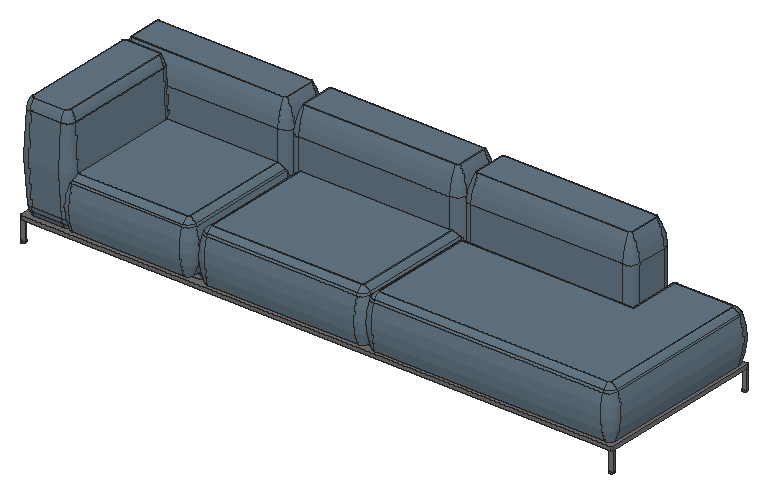
Revit family "Haworth_Mex-Hi_Sofa_ExtraWide-wPeninsula", category Furniture, Revit 2018
Family settings
  OmniClass Number = 23.40.70.14.64.21
  OmniClass Title = Systems Furniture
  Work Plane-Based = No
  Always vertical = Yes
  Cut with Voids When Loaded = No
  Shared = No
  Room Calculation Point = No
Parameters (values of type "Three Seat Sofa - With One Arm")
  Without Arms = no
  With Arms = not(Without Arms)  # yes
  Warranty = "http://www.haworth.com/resources/product-info/warranties"
  URL - Product = "https://www.haworth.com/na/en/products/lounge-sofas/ottomans/mex-hi-seating.html"
  URL = "https://www.haworth.com/na/en/about/brands/haworth-collection.html"
  Trim Finish = Haworth _ Polymer _ Black
  Sustainability Info = "https://www.haworth.com/na/en/expertise/sustainability.html"
  Size = "Verify Final Dim. w/ Haworth"  # constant formula
  Seat Upholstery Finish [instance] = Haworth _ Leather _ Scozia _ Oceano ES-342
  Revision Number = "1"  # constant formula
  Model = "HCCSMHL"  # constant formula
  Manufacturer = "Haworth"  # constant formula
  Description = "Haworth - Cassina - Mex-Hi - Sofa - One Arm - Extra Wide with Peninsula - Three Seat"
  Base Finish [instance] = Haworth _ Paint _ Matte Anthracite 69-ANT
  Back Upholstery Finish [instance] = Haworth _ Leather _ Scozia _ Oceano ES-342
  Author = "Haworth (Abd Rahman)"  # constant formula
  Assembly Code = "E2020200"
  Arm Finish [instance] = Haworth _ Leather _ Scozia _ Oceano ES-342
  Actual Width = 122.00"  # constant formula
  Actual Height = 28.30"  # constant formula
  Actual Depth = 35.50"  # constant formula
Reference planes (in)
  plane 1: z = 0
  plane 2 "Center L/R": x = -6.11989
  plane 3 "Center F/B": y = -11.5
  plane 4 "Top": z = 28.3
  plane 5 "Back": y = 6.25
  plane 6 "Front": y = -29.25
  plane 7 "Right": x = 54.88011
  plane 8 "Left": x = -67.11989
  plane 9: x = -31.68989
  plane 10: x = 3.74011
  plane 11: z = 4.88189
Dimensions and locks (in)
  equal spacing: plane 8 "Left", plane 2 "Center L/R", plane 7 "Right"
  "Actual Width": plane 8 "Left" to plane 7 "Right"
  equal spacing: plane 5 "Back", plane 3 "Center F/B", plane 6 "Front"
  "Actual Depth": plane 5 "Back" to plane 6 "Front"
  "Actual Height": plane 4 "Top" to plane 1
  plane 8 "Left" to plane 9 to plane 10 to plane 7 "Right" = 35.43", 35.43", 51.14"
  aligned and locked: plane 2 "Center L/R" to nested 2
  aligned and locked: nested 2 to plane 3 "Center F/B"
  aligned and locked: plane 8 "Left" to nested 5
  aligned and locked: plane 5 "Back" to nested 5
  aligned and locked: nested 4 to plane 5 "Back"
  aligned and locked: plane 8 "Left" to nested 6
  aligned and locked: plane 6 "Front" to nested 6
  aligned and locked: nested 7 to nested 3
  aligned and locked: plane 9 to nested 1
  aligned and locked: plane 10 to nested 4
  aligned and locked: nested 8 to nested 7
  aligned and locked: nested 9 to plane 7 "Right"
  aligned and locked: plane 8 "Left" to nested 3
  aligned and locked: nested 8 to nested 3
  aligned and locked: plane 9 to nested 5
  aligned and locked: plane 10 to nested 1
  aligned and locked: plane 9 to nested 7
  aligned and locked: nested 2 to plane 11
  aligned and locked: plane 11 to nested 9
  aligned and locked: nested 5 to plane 11
  aligned and locked: nested 1 to plane 11
  aligned and locked: plane 11 to nested 4
  aligned and locked: plane 11 to nested 3
  aligned and locked: plane 11 to nested 6
  aligned and locked: plane 11 to nested 7
  aligned and locked: plane 11 to nested 8
Nested families (in)
  nested 1: "Haworth_Mex-Hi_Sofa_Back-Wide-PART" at (-20.44865, 9.90612, -0.04956) x (-1, 0, 0) z (0, 0, 1), Back Upholstery Finish <- "Back Upholstery Finish", type "Back Wide - PART - Small"
    with Back Upholstery Finish Haworth _ Leather _ Scozia _ Oceano ES-342, Extra Small no
  nested 2: "Haworth_Mex-Hi_Sofa_Base-PART" at (0, 0, 0), Base Finish <- "Base Finish", type "Base - PART"
    with Base Finish Haworth _ Paint _ Matte Anthracite 69-ANT, Two Seats no, Actual Width 122.00"
  nested 3: "Haworth_Mex-Hi_Sofa_Seat-Wide-PART" at (-43.15039, -3.81836, 0), Seat Upholstery Finish <- "Seat Upholstery Finish", visible <- "Without Arms", type "Seat Wide - PART - Middle - Small"
    with Seat Upholstery Finish Haworth _ Leather _ Scozia _ Oceano ES-342, Peninsula Seat no, Middle Large Seat no
  nested 4: "Haworth_Mex-Hi_Sofa_Back-Wide-PART" at (27.92887, 9.90612, -0.04956), Back Upholstery Finish <- "Back Upholstery Finish", type "Back Wide - PART - Small"
    with Back Upholstery Finish Haworth _ Leather _ Scozia _ Oceano ES-342, Extra Small no
  nested 5: "Haworth_Mex-Hi_Sofa_Back-Wide-PART" at (-55.87865, 9.90612, -0.04956) x (-1, 0, 0) z (0, 0, 1), Back Upholstery Finish <- "Back Upholstery Finish", type "Back Wide - PART - Small"
    with Back Upholstery Finish Haworth _ Leather _ Scozia _ Oceano ES-342, Extra Small no
  nested 6: "Haworth_Mex-Hi_Sofa_Arm-Wide-PART" at (-54.95296, -6.3526, -0.04956), visible <- "With Arms", Arm Finish <- "Arm Finish", type "Arm Wide - PART"
    with Arm Finish Haworth _ Leather _ Scozia _ Oceano ES-342
  nested 7: "Haworth_Mex-Hi_Sofa_Seat-Wide-PART" at (-39.25128, -3.81836, 0), visible <- "With Arms", Seat Upholstery Finish <- "Seat Upholstery Finish", type "Seat Wide - PART - L/R"
    with Seat Upholstery Finish Haworth _ Leather _ Scozia _ Oceano ES-342, Peninsula Seat no, Middle Small Seat no, Middle Large Seat no, L/R Seat yes
  nested 8: "Haworth_Mex-Hi_Sofa_Seat-Wide-PART" at (-7.45117, -3.81836, 0), Seat Upholstery Finish <- "Seat Upholstery Finish", type "Seat Wide - PART - Middle - Small"
    with Seat Upholstery Finish Haworth _ Leather _ Scozia _ Oceano ES-342, Peninsula Seat no, Middle Large Seat no
  nested 9: "Haworth_Mex-Hi_Sofa_Seat-Wide-PART" at (33.69372, -3.94336, 0), Seat Upholstery Finish <- "Seat Upholstery Finish", type "Seat Wide - PART - Peninsula"
    with Seat Upholstery Finish Haworth _ Leather _ Scozia _ Oceano ES-342, Middle Small Seat no, Middle Large Seat no
Definition of nested family "Haworth_Mex-Hi_Sofa_Back-Wide-PART"
  Parameters (values of type "Back Wide - PART - Small")
    Warranty = "http://www.haworth.com/resources/product-info/warranties"
    URL - Product = "https://www.haworth.com/na/en/products/lounge-sofas/ottomans/mex-hi-seating.html"
    URL = "https://www.haworth.com/na/en/about/brands/haworth-collection.html"
    Sustainability Info = "https://www.haworth.com/na/en/expertise/sustainability.html"
    Small = yes
    Size = "Verify Final Dim. w/ Haworth"  # constant formula
    Seat Height = 17.00"  # constant formula
    Revision Number = "1"  # constant formula
    Model = "Haworth - Cassina - Mex-Hi"  # constant formula
    Manufacturer = "Haworth"  # constant formula
    Large = no
    Extra Small = yes
    Description = "Haworth - Cassina - Mex-Hi - Back - Wide - PART"  # constant formula
    Back Upholstery Finish [instance] = none
    Author = "Haworth (Abd Rahman)"  # constant formula
    Assembly Code = "E2020200"
    Actual Width = 35.43"  # constant formula
    Actual Height = 27.39844"  # constant formula
    Actual Depth = 10.60"  # constant formula
  Types (2): name | Small | Large
    Back Wide - PART - Small | yes | no
    Back Wide - PART - Large | no | yes
  Reference planes (in)
    plane 1: z = 0
    plane 2 "Top": z = 27.39844
    plane 3: z = 17
    plane 4 "Right": x = 11.24124
    plane 5 "Left": x = -24.18876
    plane 6 "Center (Left/Right)": x = -6.47376
    plane 7 "Back": y = -3.65612
    plane 8 "Front": y = -14.25612
    plane 9 "Center (Front/Back)": y = -8.95612
    plane 10: x = -20.15376
    plane 11: x = 7.20624
  Forms (in)
    Extrusion 1, solid, material <- "Back Upholstery Finish", visible <- "Small"
      sketch origin (0, 0.1875, 0) x (1, 0, 0) y (0, 1, 0)
        loop
          line (-22.40055, -6.01823) -> (-22.40055, -12.26715)
          arc (-22.40055, -12.26715) -> (-22.28726, -12.54067) -> (-22.01374, -12.65397) r 0.38681
          line (-22.01374, -12.65397) -> (9.07786, -12.65397)
          arc (9.07786, -12.65397) -> (9.35138, -12.54067) -> (9.46468, -12.26715) r 0.38681
          line (9.46468, -12.26715) -> (9.46468, -6.01823)
          arc (9.46468, -6.01823) -> (9.35138, -5.74471) -> (9.07786, -5.63141) r 0.38681
          line (9.07786, -5.63141) -> (-22.01374, -5.63141)
          arc (-22.01374, -5.63141) -> (-22.28726, -5.74471) -> (-22.40055, -6.01823) r 0.38681
      from 4.93145 to 26.69365
    Sweep 2, solid, material <- "Back Upholstery Finish", visible <- "Small"
      path origin (0, 0.1875, 0) x (1, 0, 0) y (0, 1, 0)
        loop
          arc (-22.01374, -5.51823) -> (-22.36729, -5.66467) -> (-22.51374, -6.01823) r 0.5
          line (-22.51374, -6.01823) -> (-22.51374, -12.26715)
          arc (-22.51374, -12.26715) -> (-22.36729, -12.62071) -> (-22.01374, -12.76715) r 0.5
          line (-22.01374, -12.76715) -> (9.07786, -12.76715)
          arc (9.07786, -12.76715) -> (9.43142, -12.62071) -> (9.57786, -12.26715) r 0.5
          line (9.57786, -12.26715) -> (9.57786, -6.01823)
          arc (9.57786, -6.01823) -> (9.43142, -5.66467) -> (9.07786, -5.51823) r 0.5
          line (9.07786, -5.51823) -> (-22.01374, -5.51823)
      profile origin (-6.46794, -5.33073, 0) x (0, 1, 0) y (0, 0, 1)
        loop
          arc (1.49021, 21.44568) -> (0.98441, 24.16007) -> (-0.11319, 26.69365) r 12.32019
          line (-0.11319, 26.69365) -> (-0.11319, 4.93145)
          arc (-0.11319, 4.93145) -> (0.96903, 7.99176) -> (1.49021, 11.19568) r 18.19442
          arc (1.49021, 11.19568) -> (1.67463, 16.32068) -> (1.49021, 21.44568) r 71.30597
    Sweep 3, solid, material <- "Back Upholstery Finish", visible <- "Large"
      path origin (0, 0.1875, 0) x (1, 0, 0) y (0, 1, 0)
        loop
          arc (-29.78736, -5.63141) -> (-30.14092, -5.77786) -> (-30.28736, -6.13141) r 0.5
          line (-30.28736, -6.13141) -> (-30.28736, -12.15397)
          arc (-30.28736, -12.15397) -> (-30.14092, -12.50752) -> (-29.78736, -12.65397) r 0.5
          line (-29.78736, -12.65397) -> (8.96468, -12.65397)
          arc (8.96468, -12.65397) -> (9.31823, -12.50752) -> (9.46468, -12.15397) r 0.5
          line (9.46468, -12.15397) -> (9.46468, -6.13141)
          arc (9.46468, -6.13141) -> (9.31823, -5.77786) -> (8.96468, -5.63141) r 0.5
          line (8.96468, -5.63141) -> (-29.78736, -5.63141)
      profile origin (-10.41134, -5.44391, 0) x (0, 1, 0) y (0, 0, 1)
        loop
          arc (1.49021, 21.44568) -> (0.98441, 24.16007) -> (-0.11319, 26.69365) r 12.32019
          line (-0.11319, 26.69365) -> (-0.11319, 4.93145)
          arc (-0.11319, 4.93145) -> (0.96903, 7.99176) -> (1.49021, 11.19568) r 18.19442
          arc (1.49021, 11.19568) -> (1.67463, 16.32068) -> (1.49021, 21.44568) r 71.30597
    Extrusion 4, solid, material <- "Back Upholstery Finish", visible <- "Large"
      sketch origin (0, 0.1875, 0) x (1, 0, 0) y (0, 1, 0)
        loop
          line (-30.17418, -6.13141) -> (-30.17418, -12.15397)
          arc (-30.17418, -12.15397) -> (-30.06088, -12.42749) -> (-29.78736, -12.54078) r 0.38681
          line (-29.78736, -12.54078) -> (8.96468, -12.54078)
          arc (8.96468, -12.54078) -> (9.2382, -12.42749) -> (9.35149, -12.15397) r 0.38681
          line (9.35149, -12.15397) -> (9.35149, -6.13141)
          arc (9.35149, -6.13141) -> (9.2382, -5.85789) -> (8.96468, -5.7446) r 0.38681
          line (8.96468, -5.7446) -> (-29.78736, -5.7446)
          arc (-29.78736, -5.7446) -> (-30.06088, -5.85789) -> (-30.17418, -6.13141) r 0.38681
      from 4.93145 to 26.69365
    Sweep 5, solid, material <- "Back Upholstery Finish", visible <- "Extra Small"
      path origin (0, 0.1875, 0) x (1, 0, 0) y (0, 1, 0)
        loop
          arc (-17.90376, -5.51823) -> (-18.25731, -5.66467) -> (-18.40376, -6.01823) r 0.5
          line (-18.40376, -6.01823) -> (-18.40376, -12.26715)
          arc (-18.40376, -12.26715) -> (-18.25731, -12.62071) -> (-17.90376, -12.76715) r 0.5
          line (-17.90376, -12.76715) -> (4.95624, -12.76715)
          arc (4.95624, -12.76715) -> (5.30979, -12.62071) -> (5.45624, -12.26715) r 0.5
          line (5.45624, -12.26715) -> (5.45624, -6.01823)
          arc (5.45624, -6.01823) -> (5.30979, -5.66467) -> (4.95624, -5.51823) r 0.5
          line (4.95624, -5.51823) -> (-17.90376, -5.51823)
      profile origin (-6.47376, -5.33073, 0) x (0, 1, 0) y (0, 0, 1)
        loop
          arc (1.49021, 21.44568) -> (0.98441, 24.16007) -> (-0.11319, 26.69365) r 12.32019
          line (-0.11319, 26.69365) -> (-0.11319, 4.93145)
          arc (-0.11319, 4.93145) -> (0.96903, 7.99176) -> (1.49021, 11.19568) r 18.19442
          arc (1.49021, 11.19568) -> (1.67463, 16.32068) -> (1.49021, 21.44568) r 71.30597
    Extrusion 6, solid, material <- "Back Upholstery Finish", visible <- "Extra Small"
      sketch origin (0, 0.1875, 0) x (1, 0, 0) y (0, 1, 0)
        loop
          line (-18.29057, -6.01823) -> (-18.29057, -12.26715)
          arc (-18.29057, -12.26715) -> (-18.17728, -12.54067) -> (-17.90376, -12.65397) r 0.38681
          line (-17.90376, -12.65397) -> (4.95624, -12.65397)
          arc (4.95624, -12.65397) -> (5.22976, -12.54067) -> (5.34306, -12.26715) r 0.38681
          line (5.34306, -12.26715) -> (5.34306, -6.01823)
          arc (5.34306, -6.01823) -> (5.22976, -5.74471) -> (4.95624, -5.63141) r 0.38681
          line (4.95624, -5.63141) -> (-17.90376, -5.63141)
          arc (-17.90376, -5.63141) -> (-18.17728, -5.74471) -> (-18.29057, -6.01823) r 0.38681
      from 4.93145 to 26.69365
  Lines and regions (in)
    Masking region 1, visible <- "Large"
      outline origin (0, 0, 0) x (1, 0, 0) y (0, 1, 0)
        loop
          line (-31.95339, -5.80612) -> (-31.95339, -12.10612)
          arc (-31.95339, -12.10612) -> (-31.32367, -13.6264) -> (-29.80339, -14.25612) r 2.15
          line (-29.80339, -14.25612) -> (9.0884, -14.25612)
          arc (9.0884, -14.25612) -> (10.61069, -13.62556) -> (11.24124, -12.10328) r 2.15284
          line (11.24124, -12.10328) -> (11.24124, -5.80612)
          arc (11.24124, -5.80612) -> (10.61152, -4.28584) -> (9.09124, -3.65612) r 2.15
          line (9.09124, -3.65612) -> (-29.80339, -3.65612)
          arc (-29.80339, -3.65612) -> (-31.32367, -4.28584) -> (-31.95339, -5.80612) r 2.15
    Masking region 2, visible <- "Small"
      outline origin (0, 0, 0) x (1, 0, 0) y (0, 1, 0)
        loop
          line (-24.18876, -5.80612) -> (-24.18876, -12.10612)
          arc (-24.18876, -12.10612) -> (-23.55904, -13.6264) -> (-22.03876, -14.25612) r 2.15
          line (-22.03876, -14.25612) -> (9.0884, -14.25612)
          arc (9.0884, -14.25612) -> (10.61069, -13.62556) -> (11.24124, -12.10328) r 2.15284
          line (11.24124, -12.10328) -> (11.24124, -5.80612)
          arc (11.24124, -5.80612) -> (10.61152, -4.28584) -> (9.09124, -3.65612) r 2.15
          line (9.09124, -3.65612) -> (-22.03876, -3.65612)
          arc (-22.03876, -3.65612) -> (-23.55904, -4.28584) -> (-24.18876, -5.80612) r 2.15
    Masking region 3, visible <- "Extra Small"
      outline origin (0, 0, 0) x (1, 0, 0) y (0, 1, 0)
        loop
          line (-20.15376, -5.80612) -> (-20.15376, -12.10612)
          arc (-20.15376, -12.10612) -> (-19.52404, -13.6264) -> (-18.00376, -14.25612) r 2.15
          line (-18.00376, -14.25612) -> (5.0534, -14.25612)
          arc (5.0534, -14.25612) -> (6.57569, -13.62556) -> (7.20624, -12.10328) r 2.15284
          line (7.20624, -12.10328) -> (7.20624, -5.80612)
          arc (7.20624, -5.80612) -> (6.57652, -4.28584) -> (5.05624, -3.65612) r 2.15
          line (5.05624, -3.65612) -> (-18.00376, -3.65612)
          arc (-18.00376, -3.65612) -> (-19.52404, -4.28584) -> (-20.15376, -5.80612) r 2.15
  Dimensions and locks (in)
    "Actual Height": plane 2 "Top" to plane 1
    "Seat Height": plane 3 to level
    equal spacing: plane 5 "Left", plane 6 "Center (Left/Right)", plane 4 "Right"
    "Actual Width": plane 5 "Left" to plane 4 "Right"
    equal spacing: plane 8 "Front", plane 9 "Center (Front/Back)", plane 7 "Back"
    "Actual Depth": plane 8 "Front" to plane 7 "Back"
    Masking region 3 sketch curve to plane 6 "Center (Left/Right)" to Masking region 3 sketch curve = 13.68", 13.68"
  Automatic sketch dimensions
    Extrusion 1 sketch curve to plane 5 "Left" = 1.78821"
    Extrusion 1 sketch curve to Extrusion 1 sketch curve = 0.38681"  (x3)
    Extrusion 1 sketch curve to plane 4 "Right" = 2.16338"  (x2)
    plane 8 "Front" to Extrusion 1 sketch curve = 1.78965"
    plane 7 "Back" to Extrusion 1 sketch curve = 2.17461"
    Sweep 2 sketch curve to plane 5 "Left" = 1.67502"
    Sweep 2 sketch curve to Sweep 2 sketch curve = 0.50"  (x3)
    Sweep 2 sketch curve to plane 4 "Right" = 2.16338"  (x2)
    plane 8 "Front" to Sweep 2 sketch curve = 1.67646"
    plane 7 "Back" to Sweep 2 sketch curve = 2.17461"
    level to Sweep 2 sketch curve = 16.32068"
    profile plane to Sweep 2 sketch curve = 69.63135"
    profile plane to Sweep 2 sketch curve = 16.65715"
    Sweep 2 sketch curve to Sweep 2 sketch curve = 5.85904"
    profile plane to Sweep 2 sketch curve = 0.11319"
    level to Sweep 2 sketch curve = 12.50337"
    level to Sweep 2 sketch curve = 4.93145"
    Sweep 2 sketch curve to Sweep 2 sketch curve = 8.05681"
    Sweep 2 sketch curve to Sweep 2 sketch curve = 6.13346"
    Sweep 2 sketch curve to Sweep 2 sketch curve = 0.00"
    Masking region 1 sketch curve to plane 8 "Front" = 0.00"
    plane 7 "Back" to Masking region 1 sketch curve = 0.00"
    Masking region 1 sketch curve to plane 4 "Right" = 0.00"
    Masking region 1 sketch curve to plane 4 "Right" = 2.15"
    Masking region 1 sketch curve to Masking region 1 sketch curve = 2.15284"
    plane 7 "Back" to Masking region 1 sketch curve = 2.15"
    plane 5 "Left" to Masking region 1 sketch curve = 5.61464"
    Masking region 1 sketch curve to Masking region 1 sketch curve = 2.15"
    plane 8 "Front" to Sweep 3 sketch curve = 2.28965"
    plane 5 "Left" to Sweep 3 sketch curve = 6.09861"
    Sweep 3 sketch curve to Sweep 3 sketch curve = 0.50"  (x3)
    Sweep 3 sketch curve to plane 4 "Right" = 2.27656"  (x2)
    plane 7 "Back" to Sweep 3 sketch curve = 2.2878"
    level to Sweep 3 sketch curve = 16.32068"
    profile plane to Sweep 3 sketch curve = 69.63135"
    profile plane to Sweep 3 sketch curve = 16.65715"
    Sweep 3 sketch curve to Sweep 3 sketch curve = 5.85904"
    profile plane to Sweep 3 sketch curve = 0.11319"
    level to Sweep 3 sketch curve = 12.50337"
    level to Sweep 3 sketch curve = 4.93145"
    Sweep 3 sketch curve to Sweep 3 sketch curve = 8.05681"
    Sweep 3 sketch curve to Sweep 3 sketch curve = 6.13346"
    Sweep 3 sketch curve to Sweep 3 sketch curve = 0.00"
    plane 7 "Back" to Extrusion 4 sketch curve = 2.2878"
    plane 5 "Left" to Extrusion 4 sketch curve = 5.98542"
    Extrusion 4 sketch curve to Extrusion 4 sketch curve = 0.38681"  (x3)
    Extrusion 4 sketch curve to plane 4 "Right" = 2.27656"  (x2)
    plane 8 "Front" to Extrusion 4 sketch curve = 2.28965"
    Masking region 2 sketch curve to plane 5 "Left" = 0.00"
    Masking region 2 sketch curve to plane 8 "Front" = 0.00"
    plane 7 "Back" to Masking region 2 sketch curve = 0.00"
    Masking region 2 sketch curve to plane 4 "Right" = 0.00"
    Masking region 2 sketch curve to plane 5 "Left" = 2.15"  (x2)
    Masking region 2 sketch curve to plane 4 "Right" = 2.15284"
    Masking region 2 sketch curve to Masking region 2 sketch curve = 2.15"
    Masking region 3 sketch curve to plane 8 "Front" = 0.00"
    plane 7 "Back" to Masking region 3 sketch curve = 0.00"
    plane 8 "Front" to Masking region 3 sketch curve = 2.15"
    Masking region 3 sketch curve to Masking region 3 sketch curve = 2.15"
    Masking region 3 sketch curve to Masking region 3 sketch curve = 2.15284"
    plane 7 "Back" to Masking region 3 sketch curve = 2.15"
    plane 8 "Front" to Sweep 5 sketch curve = 2.17646"  (x2)
    Sweep 5 sketch curve to plane 5 "Left" = 5.785"
    Sweep 5 sketch curve to Sweep 5 sketch curve = 0.50"  (x3)
    Sweep 5 sketch curve to plane 4 "Right" = 6.285"
    plane 7 "Back" to Sweep 5 sketch curve = 2.17461"
    level to Sweep 5 sketch curve = 16.32068"
    profile plane to Sweep 5 sketch curve = 69.63135"
    profile plane to Sweep 5 sketch curve = 16.65715"
    Sweep 5 sketch curve to Sweep 5 sketch curve = 5.85904"
    profile plane to Sweep 5 sketch curve = 0.11319"
    level to Sweep 5 sketch curve = 12.50337"
    level to Sweep 5 sketch curve = 4.93145"
    Sweep 5 sketch curve to Sweep 5 sketch curve = 8.05681"
    Sweep 5 sketch curve to Sweep 5 sketch curve = 6.13346"
    Sweep 5 sketch curve to Sweep 5 sketch curve = 0.00"
    Extrusion 6 sketch curve to plane 5 "Left" = 5.89819"
    Extrusion 6 sketch curve to Extrusion 6 sketch curve = 0.38681"  (x3)
    Extrusion 6 sketch curve to plane 4 "Right" = 6.285"  (x2)
    plane 8 "Front" to Extrusion 6 sketch curve = 1.78965"
    plane 7 "Back" to Extrusion 6 sketch curve = 2.17461"
Definition of nested family "Haworth_Mex-Hi_Sofa_Base-PART"
  Parameters (values of type "Base - PART")
    Warranty = "http://www.haworth.com/resources/product-info/warranties"
    URL - Product = "https://www.haworth.com/na/en/products/lounge-sofas/ottomans/mex-hi-seating.html"
    URL = "https://www.haworth.com/na/en/about/brands/haworth-collection.html"
    Two Seats = yes
    Trim Finish = none
    Three Seats = yes
    Sustainability Info = "https://www.haworth.com/na/en/expertise/sustainability.html"
    Size = "Verify Final Dim. w/ Haworth"  # constant formula
    Revision Number = "1"  # constant formula
    Model = "Haworth - Cassina - Mex-Hi"  # constant formula
    Manufacturer = "Haworth"  # constant formula
    Description = "Haworth - Cassina - Mex-Hi - Sofa - Base - PART"  # constant formula
    Base Finish [instance] = none
    Author = "Haworth (Abd Rahman)"  # constant formula
    Assembly Code = "E2020200"
    Actual Width = 106.30"
    Actual Height = 28.30"  # constant formula
    Actual Depth = 35.50"
  Reference planes (in)
    plane 1: z = 0
    plane 2 "Center L/R": x = -6.11989
    plane 3 "Center F/B": y = -11.5
    plane 4 "Top": z = 28.3
    plane 5 "Back": y = 6.25
    plane 6 "Front": y = -29.25
    plane 7 "Right": x = 47.03011
    plane 8 "Left": x = -59.26989
    plane 9: x = 12.56121
    plane 10: x = 11.38011
    plane 11: x = -23.61989
    plane 12: x = -24.801
    plane 13: y = 4.4803
    plane 14: y = 3.20078
    plane 15: y = 2.01967
    plane 16: y = -4.67324
    plane 17: y = -5.85434
    plane 18: y = -24.9511
    plane 19: y = -26.1322
    plane 20: y = -27.40946
    plane 21: y = 6.04866
    plane 22: y = -28.9838
    plane 23: x = -57.4682
    plane 24: x = 45.28743
    plane 25: x = 46.85823
    plane 26: x = -59.04253
    plane 27: x = 11.9669
    plane 28: x = -24.21044
    plane 29: y = -17.07481
    plane 30: y = -5.26247
    plane 31: x = -6.6827
    plane 32: x = -5.5016
  Forms (in)
    Extrusion 1, solid, material <- "Base Finish"
      sketch origin (-0.25, 0.4375, 0) x (1, 0, 0) y (0, 1, 0)
        loop
          line (46.73209, 5.61116) -> (-58.41639, 5.61116)
          arc (-58.41639, 5.61116) -> (-58.68236, 5.50099) -> (-58.79253, 5.23502) r 0.37614
          line (-58.79253, 5.23502) -> (-58.79253, -29.03536)
          arc (-58.79253, -29.03536) -> (-58.67949, -29.30826) -> (-58.4066, -29.4213) r 0.38594
          line (-58.4066, -29.4213) -> (46.82505, -29.4213)
          arc (46.82505, -29.4213) -> (47.02529, -29.33835) -> (47.10823, -29.13811) r 0.28319
          line (47.10823, -29.13811) -> (47.10823, 5.23502)
          arc (47.10823, 5.23502) -> (46.99806, 5.50099) -> (46.73209, 5.61116) r 0.37614
        loop
          line (45.53743, -5.11074) -> (45.53743, 1.58217) -> (-57.2182, 1.58217) -> (-57.2182, -5.11074) -> (45.53743, -5.11074)
        loop
          line (-57.2182, 2.76328) -> (45.53743, 2.76328) -> (45.53743, 4.0428) -> (-57.2182, 4.0428) -> (-57.2182, 2.76328)
        loop
          line (45.53743, -6.29184) -> (-57.2182, -6.29184) -> (-57.2182, -25.3886) -> (45.53743, -25.3886) -> (45.53743, -6.29184)
        loop
          line (45.53743, -26.5697) -> (-57.2182, -26.5697) -> (-57.2182, -27.84696) -> (45.53743, -27.84696) -> (45.53743, -26.5697)
      from 4.08098 to 4.88189
    Extrusion 2, solid, material <- "Base Finish"
      sketch origin (-0.25, 0.4375, 0) x (1, 0, 0) y (0, 1, 0)
        loop
          circle (-58.39883, 5.22344) r 0.41206
        loop
          circle (46.72054, -29.02659) r 0.41206
        loop
          circle (46.72363, 5.22313) r 0.41206
        loop
          circle (-58.39602, -29.0239) r 0.41206
      from 0 to 4.08098
    Extrusion 3, solid, material <- "Trim Finish"
      sketch origin (-0.25, 0.4375, 0) x (1, 0, 0) y (0, 1, 0)
        loop
          circle (-58.39883, 5.22344) r 0.49213
        loop
          circle (-58.39883, -29.02999) r 0.49213
        loop
          circle (46.72154, 5.22344) r 0.49213
        loop
          circle (46.71782, -29.02818) r 0.49213
      from 0 to 0.23622
    Extrusion 4, solid, material <- "Base Finish", visible <- "Two Seats"
      sketch origin (0, 0, 0) x (1, 0, 0) y (0, 1, 0)
        loop
          line (-5.5016, -27.40946) -> (-5.5016, 6.04866) -> (-6.6827, 6.04866) -> (-6.6827, -27.40946) -> (-5.5016, -27.40946)
      from 4.08098 to 4.88189
    Extrusion 5, solid, material <- "Base Finish", visible <- "Three Seats"
      sketch origin (-17.68716, 0, 0) x (1, 0, 0) y (0, 1, 0)
        loop
          line (-5.93273, -27.40946) -> (-5.93273, 6.04866) -> (-7.11383, 6.04866) -> (-7.11383, -27.40946) -> (-5.93273, -27.40946)
      from 4.08098 to 4.88189
    Extrusion 6, solid, material <- "Base Finish", visible <- "Three Seats"
      sketch origin (17.7459, 0, 0) x (1, 0, 0) y (0, 1, 0)
        loop
          line (-5.1847, -27.40946) -> (-5.1847, 6.04866) -> (-6.3658, 6.04866) -> (-6.3658, -27.40946) -> (-5.1847, -27.40946)
      from 4.08098 to 4.88189
    Extrusion 7, solid, material <- "Trim Finish", visible <- "Two Seats"
      sketch origin (0, 0, 0) x (1, 0, 0) y (0, 1, 0)
        loop
          circle (-6.11989, -17.07481) r 0.49213
        loop
          circle (-6.11989, -5.26247) r 0.49213
      from 0 to 0.23622
    Extrusion 8, solid, material <- "Trim Finish", visible <- "Two Seats"
      sketch origin (0, 0, 0) x (1, 0, 0) y (0, 1, 0)
        loop
          circle (-6.11989, -17.07481) r 0.41206
        loop
          circle (-6.11989, -5.26247) r 0.41206
      from 0 to 4.08098
    Extrusion 9, solid, material <- "Trim Finish", visible <- "Three Seats"
      sketch origin (0, 0, 0) x (1, 0, 0) y (0, 1, 0)
        loop
          circle (-24.21044, -17.07481) r 0.41206
        loop
          circle (-24.21044, -5.26247) r 0.41206
        loop
          circle (11.9669, -5.26247) r 0.41206
        loop
          circle (11.9669, -17.07481) r 0.41206
      from 0 to 4.08098
    Extrusion 10, solid, material <- "Trim Finish", visible <- "Three Seats"
      sketch origin (0, 0, 0) x (1, 0, 0) y (0, 1, 0)
        loop
          circle (-24.21044, -17.07481) r 0.49213
        loop
          circle (-24.21044, -5.26247) r 0.49213
        loop
          circle (11.9669, -5.26247) r 0.49213
        loop
          circle (11.9669, -17.07481) r 0.49213
      from 0 to 0.23622
  Lines and regions (in)
    symbolic lines
      curve 1: line (-59.04253, 6.04866, 0) -> (46.85823, 6.04866, 0)
      curve 2: line (-59.04253, -28.9838, 0) -> (-59.04253, 6.04866, 0)
      curve 3: line (46.85823, -28.9838, 0) -> (-59.04253, -28.9838, 0)
      curve 4: line (46.85823, 6.04866, 0) -> (46.85823, -28.9838, 0)
      curve 5: line (-57.4682, -27.40946, 0) -> (-24.801, -27.40946, 0)
      curve 6: line (-57.4682, -26.1322, 0) -> (-57.4682, -27.40946, 0)
      curve 7: line (-24.801, -26.1322, 0) -> (-57.4682, -26.1322, 0)
      curve 8: line (-24.801, -27.40946, 0) -> (-24.801, -26.1322, 0)
      curve 9: line (11.38011, -27.40946, 0) -> (-23.61989, -27.40946, 0)
      curve 10: line (11.38011, -26.1322, 0) -> (11.38011, -27.40946, 0)
      curve 11: line (-23.61989, -26.1322, 0) -> (11.38011, -26.1322, 0)
      curve 12: line (-23.61989, -27.40946, 0) -> (-23.61989, -26.1322, 0)
      curve 13: line (12.56121, -26.1322, 0) -> (45.28743, -26.1322, 0)
      curve 14: line (12.56121, -27.40946, 0) -> (12.56121, -26.1322, 0)
      curve 15: line (45.28743, -27.40946, 0) -> (12.56121, -27.40946, 0)
      curve 16: line (45.28743, -26.1322, 0) -> (45.28743, -27.40946, 0)
      curve 17: line (45.28743, -24.9511, 0) -> (12.56121, -24.9511, 0)
      curve 18: line (45.28743, -5.85434, 0) -> (45.28743, -24.9511, 0)
      curve 19: line (12.56121, -5.85434, 0) -> (45.28743, -5.85434, 0)
      curve 20: line (12.56121, -24.9511, 0) -> (12.56121, -5.85434, 0)
      curve 21: line (45.28743, -4.67324, 0) -> (12.56121, -4.67324, 0)
      curve 22: line (45.28743, 2.01967, 0) -> (45.28743, -4.67324, 0)
      curve 23: line (12.56121, 2.01967, 0) -> (45.28743, 2.01967, 0)
      curve 25: line (11.38011, 2.01967, 0) -> (-23.61989, 2.01967, 0)
      curve 27: line (-23.61989, -4.67324, 0) -> (11.38011, -4.67324, 0)
      curve 28: line (-23.61989, 2.01967, 0) -> (-23.61989, -4.67324, 0)
      curve 29: line (-23.61989, -5.85434, 0) -> (11.38011, -5.85434, 0)
      curve 30: line (-23.61989, -24.9511, 0) -> (-23.61989, -5.85434, 0)
      curve 31: line (11.38011, -24.9511, 0) -> (-23.61989, -24.9511, 0)
      curve 32: line (11.38011, -5.85434, 0) -> (11.38011, -24.9511, 0)
      curve 33: line (-24.801, -24.9511, 0) -> (-57.4682, -24.9511, 0)
      curve 35: line (-57.4682, -5.85434, 0) -> (-24.801, -5.85434, 0)
      curve 36: line (-57.4682, -24.9511, 0) -> (-57.4682, -5.85434, 0)
      curve 37: line (-57.4682, -4.67324, 0) -> (-24.801, -4.67324, 0)
      curve 38: line (-57.4682, 2.01967, 0) -> (-57.4682, -4.67324, 0)
      curve 39: line (-24.801, 2.01967, 0) -> (-57.4682, 2.01967, 0)
      curve 40: line (-24.801, -4.67324, 0) -> (-24.801, 2.01967, 0)
      curve 41: line (-57.4682, 4.4803, 0) -> (-24.801, 4.4803, 0)
      curve 42: line (-57.4682, 3.20078, 0) -> (-57.4682, 4.4803, 0)
      curve 43: line (-24.801, 3.20078, 0) -> (-57.4682, 3.20078, 0)
      curve 44: line (-24.801, 4.4803, 0) -> (-24.801, 3.20078, 0)
      curve 45: line (11.38011, 3.20078, 0) -> (-23.61989, 3.20078, 0)
      curve 46: line (11.38011, 4.4803, 0) -> (11.38011, 3.20078, 0)
      curve 47: line (-23.61989, 4.4803, 0) -> (11.38011, 4.4803, 0)
      curve 49: line (45.28743, 3.20078, 0) -> (12.56121, 3.20078, 0)
      curve 50: line (45.28743, 4.4803, 0) -> (45.28743, 3.20078, 0)
      curve 51: line (12.56121, 4.4803, 0) -> (45.28743, 4.4803, 0)
      curve 52: line (12.56121, 3.20078, 0) -> (12.56121, 4.4803, 0)
    symbolic lines, visible <- "Three Seats"
      curve 24: line (12.56121, -27.40946, 0) -> (12.56121, 4.4803, 0)
      curve 26: line (11.38011, -27.40946, 0) -> (11.38011, 4.4803, 0)
      curve 34: line (-24.801, 4.4803, 0) -> (-24.801, -27.40946, 0)
      curve 48: line (-23.61989, -27.40946, 0) -> (-23.61989, 4.4803, 0)
    symbolic lines, visible <- "Two Seats"
      curve 53: line (-6.6827, 6.04866, 0) -> (-5.5016, 6.04866, 0)
      curve 54: line (-6.6827, -27.40946, 0) -> (-6.6827, 6.04866, 0)
      curve 55: line (-5.5016, -27.40946, 0) -> (-6.6827, -27.40946, 0)
      curve 56: line (-5.5016, 6.04866, 0) -> (-5.5016, -27.40946, 0)
  Dimensions and locks (in)
    equal spacing: plane 8 "Left", plane 2 "Center L/R", plane 7 "Right"
    "Actual Width": plane 8 "Left" to plane 7 "Right"
    equal spacing: plane 5 "Back", plane 3 "Center F/B", plane 6 "Front"
    "Actual Depth": plane 5 "Back" to plane 6 "Front"
    "Actual Height": plane 4 "Top" to plane 1
    plane 18 to plane 19 to plane 20 to plane 22 to plane 6 "Front" = 1.1811" locked, 1.27726" locked, 1.57434" locked, 0.2662" locked
    plane 5 "Back" to plane 21 to plane 13 to plane 14 to plane 15 to plane 16 to plane 17 = 0.20134" locked, 1.56835" locked, 1.27953" locked, 1.1811" locked, 6.69291" locked, 1.1811" locked
    plane 30 to plane 3 "Center F/B" to plane 29 = 6.23753" locked, 5.57481" locked
    plane 31 to plane 2 "Center L/R" to plane 32 = 0.56281" locked, 0.61829" locked
    plane 10 to plane 27 to plane 9 = 0.58679" locked, 0.59431" locked
    plane 12 to plane 28 to plane 11 = 0.59055" locked, 0.59055" locked
    plane 24 to plane 25 to plane 7 "Right" = 1.5708" locked, 0.17188" locked
    plane 8 "Left" to plane 26 to plane 23 = 0.22736" locked, 1.57433" locked
    plane 9 to plane 24 = 32.72622"
    plane 23 to plane 12 = 32.6672"
    aligned and locked: Extrusion 1 to plane 13
    aligned and locked: plane 14 to Extrusion 1
    aligned and locked: Extrusion 1 to plane 15
    aligned and locked: plane 16 to Extrusion 1
    aligned and locked: Extrusion 1 to plane 17
    aligned and locked: plane 18 to Extrusion 1
    aligned and locked: Extrusion 1 to plane 19
    aligned and locked: Extrusion 1 to plane 20
    aligned and locked: plane 26 to Extrusion 1  (x2)
    aligned and locked: Extrusion 1 to plane 23  (x4)
    aligned and locked: Extrusion 1 to plane 25  (x2)
    aligned and locked: plane 24 to Extrusion 1  (x4)
    aligned and locked: curve 2 to plane 26
    aligned and locked: plane 21 to Extrusion 1
    aligned and locked: plane 14 to curve 43
    aligned and locked: plane 15 to curve 39
    aligned and locked: curve 37 to plane 16
    aligned and locked: curve 35 to plane 17
    aligned and locked: plane 18 to curve 33
    aligned and locked: plane 19 to curve 7
    aligned and locked: plane 20 to curve 5
    aligned and locked: plane 23 to curve 6
    aligned and locked: curve 36 to plane 23
    aligned and locked: plane 23 to curve 38
    aligned and locked: curve 42 to plane 23
    aligned and locked: plane 12 to curve 44
    aligned and locked: curve 40 to plane 12
    aligned and locked: curve 8 to plane 12
    aligned and locked: curve 12 to plane 11
    aligned and locked: curve 30 to plane 11
    aligned and locked: plane 11 to curve 28
    aligned and locked: plane 10 to curve 46
    aligned and locked: curve 26 to plane 10
    aligned and locked: plane 10 to curve 32
    aligned and locked: plane 10 to curve 10
    aligned and locked: curve 14 to plane 9
    aligned and locked: curve 20 to plane 9
    aligned and locked: curve 52 to plane 9
    aligned and locked: plane 24 to curve 50
    aligned and locked: plane 24 to curve 22
    aligned and locked: plane 24 to curve 18
    aligned and locked: plane 24 to curve 16
    aligned and locked: plane 25 to curve 4
    aligned and locked: Extrusion 1 to plane 22
    aligned and locked: curve 15 to plane 20
    aligned and locked: curve 13 to plane 19
    aligned and locked: plane 18 to curve 17
    aligned and locked: curve 19 to plane 17
    aligned and locked: plane 16 to curve 21
    aligned and locked: curve 23 to plane 15
    aligned and locked: plane 14 to curve 49
    aligned and locked: curve 51 to plane 13
    aligned and locked: curve 1 to plane 21
    aligned and locked: curve 47 to plane 13
    aligned and locked: plane 14 to curve 45
    aligned and locked: plane 15 to curve 25
    aligned and locked: curve 27 to plane 16
    aligned and locked: curve 29 to plane 17
    aligned and locked: plane 18 to curve 31
    aligned and locked: curve 11 to plane 19
    aligned and locked: curve 9 to plane 20
    aligned and locked: plane 22 to curve 3
    aligned and locked: plane 15 to nested 1
    aligned and locked: plane 15 to nested 5
    aligned and locked: plane 15 to nested 6
    aligned and locked: plane 15 to nested 11
    aligned and locked: plane 15 to nested 17
    aligned and locked: plane 15 to nested 12
    aligned and locked: plane 17 to nested 18
    aligned and locked: plane 17 to nested 16
    aligned and locked: plane 17 to nested 13
    aligned and locked: plane 17 to nested 10
    aligned and locked: plane 17 to nested 7
    aligned and locked: plane 17 to nested 2
    aligned and locked: plane 17 to nested 19
    aligned and locked: nested 3 to plane 18
    aligned and locked: nested 4 to plane 18
    aligned and locked: nested 8 to plane 18
    aligned and locked: nested 9 to plane 18
    aligned and locked: nested 15 to plane 18
    aligned and locked: nested 14 to plane 18
    aligned and locked: nested 4 to Extrusion 1
    aligned and locked: Extrusion 1 to Extrusion 4  (x2)
    aligned and locked: Extrusion 4 to plane 32
    aligned and locked: plane 31 to Extrusion 4
    aligned and locked: plane 32 to Extrusion 4 sketch curve
    aligned and locked: Extrusion 4 sketch curve to plane 31
    aligned and locked: Extrusion 4 sketch curve to plane 21
    aligned and locked: Extrusion 4 sketch curve to plane 20
    aligned and locked: plane 9 to Extrusion 6 sketch curve
    aligned and locked: Extrusion 6 sketch curve to plane 10
    aligned and locked: Extrusion 6 sketch curve to plane 21
    aligned and locked: Extrusion 6 sketch curve to plane 20
    aligned and locked: plane 11 to Extrusion 5 sketch curve
    aligned and locked: Extrusion 5 sketch curve to plane 12
    aligned and locked: Extrusion 5 sketch curve to plane 21
    aligned and locked: Extrusion 5 sketch curve to plane 20
    aligned and locked: plane 29 to Extrusion 7 sketch curve
    aligned and locked: plane 2 "Center L/R" to Extrusion 7 sketch curve  (x2)
    aligned and locked: plane 30 to Extrusion 7 sketch curve
    aligned and locked: Extrusion 3 to Extrusion 7
    aligned and locked: plane 29 to Extrusion 8 sketch curve
    aligned and locked: plane 2 "Center L/R" to Extrusion 8 sketch curve  (x2)
    aligned and locked: plane 30 to Extrusion 8 sketch curve
    aligned and locked: Extrusion 8 to Extrusion 1
    aligned and locked: plane 29 to Extrusion 9 sketch curve  (x2)
    aligned and locked: plane 30 to Extrusion 9 sketch curve  (x2)
    aligned and locked: plane 28 to Extrusion 9 sketch curve  (x2)
    aligned and locked: plane 27 to Extrusion 9 sketch curve  (x2)
    aligned and locked: Extrusion 9 to Extrusion 1
    aligned and locked: plane 28 to Extrusion 10 sketch curve  (x2)
    aligned and locked: plane 27 to Extrusion 10 sketch curve  (x2)
    aligned and locked: plane 30 to Extrusion 10 sketch curve  (x2)
    aligned and locked: plane 29 to Extrusion 10 sketch curve  (x2)
    aligned and locked: Extrusion 10 to Extrusion 7
  Automatic sketch dimensions
    Extrusion 1 sketch curve to plane 26 = 0.00"
    Extrusion 1 sketch curve to plane 21 = 0.00"
    Extrusion 1 sketch curve to plane 22 = 0.00"
    plane 20 to Extrusion 1 sketch curve = 0.00"
    Extrusion 1 sketch curve to plane 23 = 0.00"  (x4)
    Extrusion 1 sketch curve to plane 18 = 0.00"
    Extrusion 1 sketch curve to plane 13 = 0.00"
    Extrusion 1 sketch curve to plane 16 = 0.00"
    Extrusion 1 sketch curve to plane 24 = 0.00"  (x4)
    Extrusion 1 sketch curve to plane 14 = 0.00"
    Extrusion 1 sketch curve to plane 15 = 0.00"
    Extrusion 1 sketch curve to plane 25 = 0.00"
    Extrusion 1 sketch curve to plane 19 = 0.00"
    Extrusion 1 sketch curve to plane 17 = 0.00"
    Extrusion 1 sketch curve to Extrusion 1 sketch curve = 0.37614"
    plane 22 to Extrusion 1 sketch curve = 0.38594"
    plane 25 to Extrusion 1 sketch curve = 0.37614"
    Extrusion 1 sketch curve to Extrusion 1 sketch curve = 0.28319"
    Extrusion 2 sketch curve to plane 26 = 0.39651"
    Extrusion 2 sketch curve to plane 26 = 0.3937"
    plane 25 to Extrusion 2 sketch curve = 0.38769"
    plane 25 to Extrusion 2 sketch curve = 0.3846"
    plane 22 to Extrusion 2 sketch curve = 0.39739"
    plane 22 to Extrusion 2 sketch curve = 0.39471"
    Extrusion 2 sketch curve to plane 21 = 0.38803"
    Extrusion 2 sketch curve to plane 21 = 0.38772"
    Extrusion 3 sketch curve to plane 26 = 0.3937"  (x2)
    plane 25 to Extrusion 3 sketch curve = 0.39041"
    plane 25 to Extrusion 3 sketch curve = 0.38669"
    plane 22 to Extrusion 3 sketch curve = 0.39311"
    plane 22 to Extrusion 3 sketch curve = 0.39131"
    Extrusion 3 sketch curve to plane 21 = 0.38772"  (x2)
    plane 20 to curve 55 = 0.00"
    curve 55 to plane 31 = 0.00"
    curve 55 to plane 32 = 0.00"
    curve 44 to plane 13 = 0.00"
    curve 53 to plane 21 = 0.00"
    radius of Extrusion 2 sketch curve = 0.41206"  (x4)
    radius of Extrusion 3 sketch curve = 0.49213"  (x4)
    radius of Extrusion 7 sketch curve = 0.49213"  (x2)
    radius of Extrusion 8 sketch curve = 0.41206"  (x2)
    radius of Extrusion 9 sketch curve = 0.41206"  (x4)
    radius of Extrusion 10 sketch curve = 0.49213"  (x4)
  Nested families (in)
    nested 1: "Haworth_Mex-Hi_Sofa_Knob-PART" at (-49.35041, 13.65777, 0), visible <- "Three Seats", type "Knob - PART"
    nested 2: "Haworth_Mex-Hi_Sofa_Knob-PART" at (-49.35041, 5.78375, 0), visible <- "Three Seats", type "Knob - PART"
    nested 3: "Haworth_Mex-Hi_Sofa_Knob-PART" at (-49.35041, -14.04791, 0), visible <- "Three Seats", type "Knob - PART"
    nested 4: "Haworth_Mex-Hi_Sofa_Knob-PART" at (-41.10041, -14.04791, 0.00098), type "Knob - PART"
    nested 5: "Haworth_Mex-Hi_Sofa_Knob-PART" at (-21.10041, 13.65777, 0), type "Knob - PART"
    nested 6: "Haworth_Mex-Hi_Sofa_Knob-PART" at (-13.66357, 13.65777, 0), type "Knob - PART"
    nested 7: "Haworth_Mex-Hi_Sofa_Knob-PART" at (-13.66357, 5.78375, 0), type "Knob - PART"
    nested 8: "Haworth_Mex-Hi_Sofa_Knob-PART" at (-13.66357, -14.04791, 0), type "Knob - PART"
    nested 9: "Haworth_Mex-Hi_Sofa_Knob-PART" at (14.33643, -14.04791, 0), type "Knob - PART"
    nested 10: "Haworth_Mex-Hi_Sofa_Knob-PART" at (14.33643, 5.78375, 0), type "Knob - PART"
    nested 11: "Haworth_Mex-Hi_Sofa_Knob-PART" at (14.33643, 13.65777, 0), type "Knob - PART"
    nested 12: "Haworth_Mex-Hi_Sofa_Knob-PART" at (21.51753, 13.65777, 0), type "Knob - PART"
    nested 13: "Haworth_Mex-Hi_Sofa_Knob-PART" at (21.51753, 5.78375, 0), type "Knob - PART"
    nested 14: "Haworth_Mex-Hi_Sofa_Knob-PART" at (21.51753, -14.04791, 0), type "Knob - PART"
    nested 15: "Haworth_Mex-Hi_Sofa_Knob-PART" at (41.58464, -14.04791, 0), type "Knob - PART"
    nested 16: "Haworth_Mex-Hi_Sofa_Knob-PART" at (41.58464, 5.78375, 0), type "Knob - PART"
    nested 17: "Haworth_Mex-Hi_Sofa_Knob-PART" at (49.58464, 13.65777, 0), visible <- "Three Seats", type "Knob - PART"
    nested 18: "Haworth_Mex-Hi_Sofa_Knob-PART" at (49.58464, 5.78375, 0), visible <- "Three Seats", type "Knob - PART"
    nested 19: "Haworth_Mex-Hi_Sofa_Knob-PART" at (-41.10041, 5.78375, 0), type "Knob - PART"
  Definition of nested family "Haworth_Mex-Hi_Sofa_Knob-PART"
    Parameters (values of type "Knob - PART")
      Warranty = "http://www.haworth.com/resources/product-info/warranties"
      URL - Product = "https://www.haworth.com/na/en/products/lounge-sofas/ottomans/mex-hi-seating.html"
      URL = "https://www.haworth.com/na/en/about/brands/haworth-collection.html"
      Trim Finish = none
      Sustainability Info = "https://www.haworth.com/na/en/expertise/sustainability.html"
      Size = "Verify Final Dim. w/ Haworth"  # constant formula
      Revision Number = "1"  # constant formula
      Model = "Haworth - Cassina - Mex-Hi"  # constant formula
      Manufacturer = "Haworth"  # constant formula
      Description = "Haworth - Cassina - Mex-Hi - Sofa - Knob - PART"  # constant formula
      Author = "Haworth (Abd Rahman)"  # constant formula
      Assembly Code = "E2020200"
      Actual Width = 1.67"  # constant formula
      Actual Height = 4.08"  # constant formula
      Actual Depth = 1.47"  # constant formula
    Reference planes (in)
      plane 1: z = 0
      plane 2 "Center L/R": x = -6.1322
      plane 3 "Top": z = 4.08
      plane 4: x = -5.2972
      plane 5: x = -6.9672
      plane 6: y = -10.90319
      plane 7: y = -12.373
      plane 8: y = -11.6381
    Forms (in)
      Extrusion 1, solid, material <- "Trim Finish"
        sketch origin (0, 0, 0) x (1, 0, 0) y (0, 1, 0)
          loop
            arc (-6.96571, -11.20052) -> (-6.96593, -11.22622) -> (-6.95004, -11.24643) r 0.03882
            arc (-6.95004, -11.24643) -> (-6.5066, -11.70956) -> (-6.32724, -12.32516) r 1.34831
            arc (-6.32724, -12.32516) -> (-6.31768, -12.34902) -> (-6.29531, -12.36168) r 0.03882
            arc (-6.29531, -12.36168) -> (-6.12907, -12.37648) -> (-5.96283, -12.36168) r 0.94089
            arc (-5.96283, -12.36168) -> (-5.93846, -12.34653) -> (-5.93115, -12.31878) r 0.03882
            arc (-5.93115, -12.31878) -> (-5.74775, -11.6992) -> (-5.2972, -11.23603) r 1.34873
            arc (-5.2972, -11.23603) -> (-5.29048, -11.21886) -> (-5.29243, -11.20052) r 0.03882
            arc (-5.29243, -11.20052) -> (-5.36273, -11.04915) -> (-5.45867, -10.91258) r 0.94086
            arc (-5.45867, -10.91258) -> (-5.48082, -10.89954) -> (-5.50626, -10.90319) r 0.03882
            arc (-5.50626, -10.90319) -> (-6.12907, -11.05565) -> (-6.75188, -10.90319) r 1.34833
            arc (-6.75188, -10.90319) -> (-6.77732, -10.89954) -> (-6.79947, -10.91258) r 0.03882
            arc (-6.79947, -10.91258) -> (-6.89541, -11.04915) -> (-6.96571, -11.20052) r 0.94087
        from 3.49028 to 3.88235
      Extrusion 2, solid, material <- "Trim Finish"
        sketch origin (0, 0, 0) x (1, 0, 0) y (0, 1, 0)
          loop
            circle (-6.1322, -11.5) r 0.37215
        from 3.88235 to 4.08098
    Cuts and joins
      joined: Extrusion 1, Extrusion 2
    Lines and regions (in)
      symbolic lines
        curve 1: arc (-5.50626, -10.90319, 0) -> (-6.12907, -11.05565, 0) -> (-6.75188, -10.90319, 0) r 1.34833
        curve 2: arc (-5.45867, -10.91258, 0) -> (-5.48082, -10.89954, 0) -> (-5.50626, -10.90319, 0) r 0.03882
        curve 3: arc (-5.29243, -11.20052, 0) -> (-5.36273, -11.04915, 0) -> (-5.45867, -10.91258, 0) r 0.94086
        curve 4: arc (-5.2972, -11.23603, 0) -> (-5.29048, -11.21886, 0) -> (-5.29243, -11.20052, 0) r 0.03882
        curve 5: arc (-5.93115, -12.31878, 0) -> (-5.74775, -11.6992, 0) -> (-5.2972, -11.23603, 0) r 1.34873
        curve 6: arc (-5.96283, -12.36168, 0) -> (-5.93846, -12.34653, 0) -> (-5.93115, -12.31878, 0) r 0.03882
        curve 7: arc (-6.29531, -12.36168, 0) -> (-6.12907, -12.37648, 0) -> (-5.96283, -12.36168, 0) r 0.94089
        curve 8: arc (-6.32724, -12.32516, 0) -> (-6.31768, -12.34902, 0) -> (-6.29531, -12.36168, 0) r 0.03882
        curve 9: arc (-6.95004, -11.24643, 0) -> (-6.5066, -11.70956, 0) -> (-6.32724, -12.32516, 0) r 1.34831
        curve 10: arc (-6.96571, -11.20052, 0) -> (-6.96593, -11.22622, 0) -> (-6.95004, -11.24643, 0) r 0.03882
        curve 11: arc (-6.79947, -10.91258, 0) -> (-6.89541, -11.04915, 0) -> (-6.96571, -11.20052, 0) r 0.94087
        curve 12: arc (-6.75188, -10.90319, 0) -> (-6.77732, -10.89954, 0) -> (-6.79947, -10.91258, 0) r 0.03882
    Dimensions and locks (in)
      equal spacing: plane 7, plane 8, plane 6
      plane 6 to plane 7 = 1.46981"
      equal spacing: plane 5, plane 2 "Center L/R", plane 4
      "Actual Width": plane 5 to plane 4
      "Actual Height": plane 3 "Top" to level
    Automatic sketch dimensions
      Extrusion 1 sketch curve to plane 2 "Center L/R" = 0.15625"
      Extrusion 1 sketch curve to plane 2 "Center L/R" = 0.6376"
      Extrusion 1 sketch curve to Extrusion 1 sketch curve = 0.15938"  (x2)
      Extrusion 1 sketch curve to plane 2 "Center L/R" = 1.54206"
      Extrusion 1 sketch curve to plane 2 "Center L/R" = 0.04533"
      Extrusion 1 sketch curve to Extrusion 1 sketch curve = 0.04847"
      plane 2 "Center L/R" to Extrusion 1 sketch curve = 0.00314"
      Extrusion 1 sketch curve to Extrusion 1 sketch curve = 0.09695"
      Extrusion 1 sketch curve to Extrusion 1 sketch curve = 0.31877"
      plane 2 "Center L/R" to Extrusion 1 sketch curve = 0.64387"
      Extrusion 1 sketch curve to Extrusion 1 sketch curve = 0.74511"
      Extrusion 1 sketch curve to Extrusion 1 sketch curve = 0.00"  (x11)
      Extrusion 1 sketch curve to Extrusion 1 sketch curve = 0.00001"
      Extrusion 1 sketch curve to Extrusion 1 sketch curve = 0.08398"
      Extrusion 1 sketch curve to Extrusion 1 sketch curve = 0.27606"  (x2)
      Extrusion 1 sketch curve to Extrusion 1 sketch curve = 1.2303"
      Extrusion 1 sketch curve to plane 2 "Center L/R" = 0.16311"
      Extrusion 1 sketch curve to Extrusion 1 sketch curve = 0.01793"
      Extrusion 2 sketch curve to plane 2 "Center L/R" = 0.00"
      plane 6 to Extrusion 1 sketch curve = 0.00"  (x2)
      Extrusion 1 sketch curve to plane 4 = 0.00"
      plane 6 to Extrusion 1 sketch curve = 0.5324"
      plane 7 to Extrusion 1 sketch curve = 0.04953"
      Extrusion 1 sketch curve to plane 7 = 0.01071"
      plane 6 to Extrusion 2 sketch curve = 0.59681"
      plane 6 to curve 1 = 0.00"  (x2)
      plane 6 to curve 2 = 0.00"
      plane 2 "Center L/R" to curve 1 = 0.00314"
      plane 6 to curve 2 = 0.03443"
      plane 4 to curve 2 = 0.19113"
      curve 1 to plane 6 = 1.19587"
      plane 6 to curve 2 = 0.00939"
      curve 3 to plane 2 "Center L/R" = 0.04533"
      curve 3 to curve 2 = 0.00"
      curve 3 to plane 4 = 0.00477"
      curve 4 to plane 4 = 0.00"
      plane 4 to curve 4 = 0.03174"
      curve 4 to curve 3 = 0.00"
      curve 5 to plane 7 = 0.00766"
      curve 5 to plane 4 = 0.71336"
      plane 7 to curve 5 = 0.05423"
      curve 6 to curve 5 = 0.03853"
      curve 6 to curve 5 = 0.0047"
      plane 7 to curve 6 = 0.01132"
      plane 2 "Center L/R" to curve 7 = 0.00314"
      plane 7 to curve 7 = 0.01132"
      curve 7 to plane 2 "Center L/R" = 0.16311"
      curve 7 to curve 8 = 0.00686"
      curve 8 to curve 8 = 0.03878"
      curve 8 to curve 7 = 0.00"
      curve 9 to plane 7 = 0.01071"
      curve 9 to plane 5 = 0.01716"
      curve 9 to curve 8 = 0.00"
      curve 10 to plane 5 = 0.03801"
      curve 10 to plane 5 = 0.0015"
      curve 10 to curve 9 = 0.00"
      plane 2 "Center L/R" to curve 11 = 0.05162"
      curve 11 to curve 10 = 0.00"
      plane 6 to curve 11 = 0.00939"
      plane 6 to curve 12 = 0.00"
      radius of Extrusion 2 sketch curve = 0.37215"
Definition of nested family "Haworth_Mex-Hi_Sofa_Seat-Wide-PART"
  Parameters (values of type "Seat Wide - PART")
    Warranty = "http://www.haworth.com/resources/product-info/warranties"
    URL - Product = "https://www.haworth.com/na/en/products/lounge-sofas/ottomans/mex-hi-seating.html"
    URL = "https://www.haworth.com/na/en/about/brands/haworth-collection.html"
    Sustainability Info = "https://www.haworth.com/na/en/expertise/sustainability.html"
    Size = "Verify Final Dim. w/ Haworth"  # constant formula
    Seat Upholstery Finish [instance] = none
    Seat Height = 17.00"  # constant formula
    Revision Number = "1"  # constant formula
    Peninsula Seat = yes
    Model = "Haworth - Cassina - Mex-Hi"  # constant formula
    Middle Small Seat = yes
    Middle Large Seat = yes
    Manufacturer = "Haworth"  # constant formula
    L/R Seat = no
    Description = "Haworth - Cassina - Mex-Hi - Seat - Wide - PART"  # constant formula
    Author = "Haworth (Abd Rahman)"  # constant formula
    Assembly Code = "E2020200"
    Actual Width = 35.69922"  # constant formula
    Actual Height = 27.39844"  # constant formula
    Actual Depth = 28.80078"  # constant formula
  Reference planes (in)
    plane 1: z = 0
    plane 2 "Center L/R": x = -6.11989
    plane 3 "Center F/B": y = -11.5
    plane 4 "Top": z = 27.39844
    plane 5 "Back": y = 2.90039
    plane 6 "Front": y = -25.90039
    plane 7 "Right": x = 11.72972
    plane 8 "Left": x = -23.9695
    plane 9: z = 17
    plane 10: x = 21.18638
    plane 11: x = -30.55117
    plane 12: x = -28.42172
    plane 13: x = 16.11448
    plane 14: x = -19.80117
    plane 15: x = 7.56138
  Forms (in)
    Extrusion 1, solid, material <- "Seat Upholstery Finish", visible <- "Middle Small Seat"
      sketch origin (4.78944, 14.72405, 0) x (1, 0, 0) y (0, 1, 0)
        loop
          arc (4.64853, -14.53597) -> (4.58765, -14.38899) -> (4.44067, -14.32811) r 0.20787
          line (4.44067, -14.32811) -> (-26.25933, -14.32811)
          arc (-26.25933, -14.32811) -> (-26.40632, -14.38899) -> (-26.4672, -14.53597) r 0.20787
          line (-26.4672, -14.53597) -> (-26.4672, -37.69252)
          arc (-26.4672, -37.69252) -> (-26.40632, -37.83951) -> (-26.25933, -37.90039) r 0.20787
          line (-26.25933, -37.90039) -> (4.44067, -37.90039)
          arc (4.44067, -37.90039) -> (4.58765, -37.83951) -> (4.64853, -37.69252) r 0.20787
          line (4.64853, -37.69252) -> (4.64853, -14.53597)
      from 4.88189 to 15.36974
    Sweep 2, solid, material <- "Seat Upholstery Finish", visible <- "Middle Small Seat"
      path origin (4.78944, 14.72405, 0) x (1, 0, 0) y (0, 1, 0)
        loop
          arc (4.44067, -39.44252) -> (5.6781, -38.92996) -> (6.19067, -37.69252) r 1.75
          line (6.19067, -37.69252) -> (6.19067, -14.53597)
          arc (6.19067, -14.53597) -> (5.6781, -13.29854) -> (4.44067, -12.78597) r 1.75
          line (4.44067, -12.78597) -> (-26.25933, -12.78597)
          arc (-26.25933, -12.78597) -> (-27.49677, -13.29854) -> (-28.00933, -14.53597) r 1.75
          line (-28.00933, -14.53597) -> (-28.00933, -37.69252)
          arc (-28.00933, -37.69252) -> (-27.49677, -38.92996) -> (-26.25933, -39.44252) r 1.75
          line (-26.25933, -39.44252) -> (4.44067, -39.44252)
      profile origin (-6.11989, -24.71848, 0) x (0, -1, 0) y (0, 0, 1)
        loop
          arc (-0.11034, 13.92822) -> (-0.19803, 14.13034) -> (-0.31579, 14.31655) r 1.42697
          arc (-0.31579, 14.31655) -> (-0.8708, 14.91087) -> (-1.54213, 15.36974) r 3.70331
          line (-1.54213, 15.36974) -> (-1.54213, 4.88189) -> (-0.41268, 4.88189)
          arc (-0.41268, 4.88189) -> (0.57441, 9.37712) -> (-0.11034, 13.92822) r 12.66244
    Extrusion 3, solid, material <- "Seat Upholstery Finish", visible <- "L/R Seat"
      sketch origin (4.35194, 14.72405, 0) x (1, 0, 0) y (0, 1, 0)
        loop
          arc (0.87817, -37.90039) -> (1.02515, -37.83951) -> (1.08603, -37.69252) r 0.20787
          line (1.08603, -37.69252) -> (1.08603, -14.53597)
          arc (1.08603, -14.53597) -> (1.02515, -14.38899) -> (0.87817, -14.32811) r 0.20787
          line (0.87817, -14.32811) -> (-21.82183, -14.32811)
          arc (-21.82183, -14.32811) -> (-21.96882, -14.38899) -> (-22.0297, -14.53597) r 0.20787
          line (-22.0297, -14.53597) -> (-22.0297, -37.69252)
          arc (-22.0297, -37.69252) -> (-21.96882, -37.83951) -> (-21.82183, -37.90039) r 0.20787
          line (-21.82183, -37.90039) -> (0.87817, -37.90039)
      from 4.88189 to 15.36974
    Sweep 4, solid, material <- "Seat Upholstery Finish", visible <- "L/R Seat"
      path origin (4.35194, 14.72405, 0) x (1, 0, 0) y (0, 1, 0)
        loop
          arc (0.87817, -39.44252) -> (2.1156, -38.92996) -> (2.62817, -37.69252) r 1.75
          line (2.62817, -37.69252) -> (2.62817, -14.53597)
          arc (2.62817, -14.53597) -> (2.1156, -13.29854) -> (0.87817, -12.78597) r 1.75
          line (0.87817, -12.78597) -> (-21.82183, -12.78597)
          arc (-21.82183, -12.78597) -> (-23.05927, -13.29854) -> (-23.57183, -14.53597) r 1.75
          line (-23.57183, -14.53597) -> (-23.57183, -37.69252)
          arc (-23.57183, -37.69252) -> (-23.05927, -38.92996) -> (-21.82183, -39.44252) r 1.75
          line (-21.82183, -39.44252) -> (0.87817, -39.44252)
      profile origin (-6.11989, -24.71848, 0) x (0, -1, 0) y (0, 0, 1)
        loop
          arc (-0.11034, 13.92822) -> (-0.19803, 14.13034) -> (-0.31579, 14.31655) r 1.42697
          arc (-0.31579, 14.31655) -> (-0.8708, 14.91087) -> (-1.54213, 15.36974) r 3.70331
          line (-1.54213, 15.36974) -> (-1.54213, 4.88189) -> (-0.41268, 4.88189)
          arc (-0.41268, 4.88189) -> (0.57441, 9.37712) -> (-0.11034, 13.92822) r 12.66244
    Sweep 5, solid, material <- "Seat Upholstery Finish", visible <- "Peninsula Seat"
      path origin (4.53944, 14.72405, 0) x (1, 0, 0) y (0, 1, 0)
        loop
          arc (14.30963, -39.44252) -> (15.54706, -38.92996) -> (16.05963, -37.69252) r 1.75
          line (16.05963, -37.69252) -> (16.05963, -6.28597)
          arc (16.05963, -6.28597) -> (15.54706, -5.04854) -> (14.30963, -4.53597) r 1.75
          line (14.30963, -4.53597) -> (2.57093, -4.53597)
          arc (2.57093, -4.53597) -> (1.33349, -5.04854) -> (0.82093, -6.28597) r 1.75
          line (0.82093, -6.28597) -> (0.82093, -15.03597) -> (-32.75329, -15.03597)
          arc (-32.75329, -15.03597) -> (-33.99073, -15.54854) -> (-34.50329, -16.78597) r 1.75
          line (-34.50329, -16.78597) -> (-34.50329, -37.69252)
          arc (-34.50329, -37.69252) -> (-33.99073, -38.92996) -> (-32.75329, -39.44252) r 1.75
          line (-32.75329, -39.44252) -> (14.30963, -39.44252)
      profile origin (-4.68239, -24.71848, 0) x (0, -1, 0) y (0, 0, 1)
        loop
          arc (-0.11034, 13.92822) -> (-0.19803, 14.13034) -> (-0.31579, 14.31655) r 1.42697
          arc (-0.31579, 14.31655) -> (-0.8708, 14.91087) -> (-1.54213, 15.36974) r 3.70331
          line (-1.54213, 15.36974) -> (-1.54213, 4.88189) -> (-0.41268, 4.88189)
          arc (-0.41268, 4.88189) -> (0.57441, 9.37712) -> (-0.11034, 13.92822) r 12.66244
    Extrusion 6, solid, material <- "Seat Upholstery Finish", visible <- "Peninsula Seat"
      sketch origin (0, 0, 0) x (1, 0, 0) y (0, 1, 0)
        loop
          arc (-28.42172, -22.96848) -> (-28.36084, -23.11546) -> (-28.21385, -23.17634) r 0.20787
          line (-28.21385, -23.17634) -> (18.84907, -23.17634)
          arc (18.84907, -23.17634) -> (18.99605, -23.11546) -> (19.05693, -22.96848) r 0.20787
          line (19.05693, -22.96848) -> (19.05693, 8.43807)
          arc (19.05693, 8.43807) -> (18.99605, 8.58506) -> (18.84907, 8.64594) r 0.20787
          line (18.84907, 8.64594) -> (7.11037, 8.64594)
          arc (7.11037, 8.64594) -> (6.96338, 8.58506) -> (6.9025, 8.43807) r 0.20787
          line (6.9025, 8.43807) -> (6.9025, -1.85406) -> (-28.21385, -1.85406)
          arc (-28.21385, -1.85406) -> (-28.36084, -1.91494) -> (-28.42172, -2.06193) r 0.20787
          line (-28.42172, -2.06193) -> (-28.42172, -22.96848)
      from 4.88189 to 15.36974
    Sweep 7, solid, material <- "Seat Upholstery Finish", visible <- "Middle Large Seat"
      path origin (4.78944, 14.72405, 0) x (1, 0, 0) y (0, 1, 0)
        loop
          arc (8.99067, -39.44252) -> (10.2281, -38.92996) -> (10.74067, -37.69252) r 1.75
          line (10.74067, -37.69252) -> (10.74067, -14.53597)
          arc (10.74067, -14.53597) -> (10.2281, -13.29854) -> (8.99067, -12.78597) r 1.75
          line (8.99067, -12.78597) -> (-30.80933, -12.78597)
          arc (-30.80933, -12.78597) -> (-32.04677, -13.29854) -> (-32.55933, -14.53597) r 1.75
